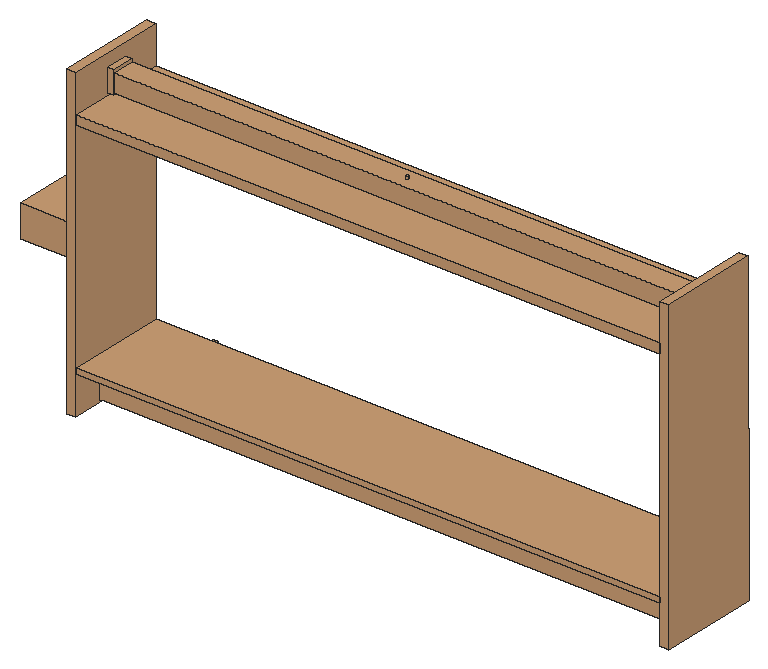
Revit family
Parameters
  Center of Unit = 0' - 0"  # constant formula
  Total Heating Capacity [instance] = 0.0 Btu/h
  Series = "VIFB"
  Outlet Area = 42.90 SF
  Lower Frame Thickness = if(Headers Height = 0' 3", 0' 1 1/4", if(Headers Height = 0' 3 1/4", 0' 1 1/4", 0' 0"))  # 0' - 1 1/4"
  Water Pressure Drop [instance] = 0.00 psi
  Water Flow [instance] = 0 GPM
  Unit Weight (lbs) = 1434
  URL = "http://www.ljwing.com/"
  Water Outlet Radius = 0' - 1 1/2"
  Headers Height = if(M = 0' 1", 0' 3", if(M = 0' 1 1/2", 0' 3 1/4", 0' 0"))  # 0' - 3 1/4"
  Number of Rows = 2  # constant formula
  Number of Coils [instance] = 0
  Nominal Length = 11' - 0 5/8"
  N = 1' - 0 3/4"
  Model = "VC-12W"
  Manufacturer = "LJ Wing"
  M = 0' - 1 1/2"
  Leaving Water Temperature [instance] = 0 °F
  Leaving Air Temperature [instance] = 0 °F
  Entering Water Temperature [instance] = 0 °F
  Entering Air Temperature [instance] = 0 °F
  Description = "Vertical Integral Face & Bypass Water Heating Coils"
  Hot Water Inlet  Radius = 0' - 1 1/2"
  Coil Face Area = Outlet Area * 0.56  # 24.024 SF
  Casing Material = ""
  Assembly Code = "D3020300"
  Air Vent Radius = 0' - 0 1/4"
  Air Pressure Drop [instance] = 0.00 in-wg
  Air Inlet Width = Nominal Length - 0' 4"  # 10' - 8 5/8"
  Air Inlet Height = Y  # 4' - 0"
  Air Flow [instance] = 0 CFM
  Y = 4' - 0"
  S = 0' - 9 3/4"  # constant formula
  Product URL = "http://www.ljwing.com/html/vifb.asp"
  OmniClass = "23-75 70 21 14 "
  Nominal Height = 5' - 8"
  Nominal Depth = 1' - 10"
  R = 0' - 10 1/4"  # constant formula
  Q = 0' - 3 5/16"
Reference planes (in)
  plane 1 "Center (Front/Back)": y = 0
  plane 2: z = -24
  plane 3 "Center (Left/Right)": x = 0
  plane 4: z = 34.25
  plane 5: x = -66.3125
  plane 6: x = 66.3125
  plane 7: z = -33.75
  plane 8: z = 0
  plane 9: y = -11
  plane 10: y = 11
  plane 11: z = 24
  plane 12: z = 26
  plane 13: z = -25.25
  plane 14: x = 64.3125
  plane 15: x = -64.3125
  plane 16: x = -63
  plane 17: x = 63
  plane 18: y = 14.0625
  plane 19: x = -77.3125
  plane 20: z = 31.125
  plane 21: z = 27.125
  plane 22: y = -2.5
  plane 23: y = 2.5
  plane 24: y = -4.5
  plane 25: z = -31.375
  plane 26: x = -53.5625
  plane 27: x = 53.5625
  plane 28: z = -27.375
Forms (in)
  Extrusion 1, solid, material "Painted Finish"
    sketch origin (0, 6, -9.75) x (1, 0, 0) y (0, 0, 1)
      loop
        line (-66.3125, -24) -> (-64.3125, -24) -> (-64.3125, 44) -> (-66.3125, 44) -> (-66.3125, -24)
      loop
        line (66.3125, -24) -> (66.3125, 44) -> (64.3125, 44) -> (64.3125, -24) -> (66.3125, -24)
    from -5 to 17
  Extrusion 2, solid, material "Painted Finish"
    sketch origin (0, 6, 0) x (1, 0, 0) y (0, 0, 1)
      loop
        line (64.3125, -24) -> (-64.3125, -24) -> (-64.3125, -25.25) -> (64.3125, -25.25) -> (64.3125, -24)
      loop
        line (64.3125, 24) -> (64.3125, 26) -> (-64.3125, 26) -> (-64.3125, 24) -> (64.3125, 24)
    from -5 to 17
  Extrusion 3, solid, material "Painted Finish"
    sketch origin (0, 10, -0.5) x (1, 0, 0) y (0, 0, 1)
      loop
        line (-66.3125, 4) -> (-77.3125, 4) -> (-77.3125, -3) -> (-66.3125, -3) -> (-66.3125, 4)
    from 0 to 20
  Extrusion 4, solid, material "Painted Finish"
    sketch origin (0, 6, 0) x (1, 0, 0) y (0, 0, 1)
      loop
        line (-62.6875, 31.125) -> (-62.6875, 27.125) -> (62.6875, 27.125) -> (62.6875, 31.125) -> (-62.6875, 31.125)
    from 3.5 to 8.5
  Extrusion 5, solid, material "Painted Finish"
    sketch origin (0, 0, 0) x (1, 0, 0) y (0, 0, 1)
      loop
        line (-62.6875, 26.625) -> (-62.6875, 31.625) -> (-64.3125, 31.625) -> (-64.3125, 26.625) -> (-62.6875, 26.625)
      loop
        line (64.3125, 26.625) -> (64.3125, 31.625) -> (62.6875, 31.625) -> (62.6875, 26.625) -> (64.3125, 26.625)
    from -2.5 to 2.5
  Extrusion 6, solid, material "Painted Finish"
    sketch origin (0, 6, 0) x (1, 0, 0) y (0, 0, 1)
      loop
        line (-63.8125, -25.75) -> (-63.8125, -25.5) -> (-64.3125, -25.5) -> (-64.3125, -29.25) -> (-63.8125, -29.25) -> (-63.8125, -29) -> (63.8125, -29) -> (63.8125, -29.25) -> (64.3125, -29.25) -> (64.3125, -25.5) -> (63.8125, -25.5) -> (63.8125, -25.75) -> (-63.8125, -25.75)
      loop
        line (63.8125, -33) -> (63.8125, -33.125) -> (64.3125, -33.125) -> (64.3125, -29.5) -> (63.8125, -29.5) -> (63.8125, -29.75) -> (-63.8125, -29.75) -> (-63.8125, -29.5) -> (-64.3125, -29.5) -> (-64.3125, -33.25) -> (-63.8125, -33.25) -> (-63.8125, -33) -> (63.8125, -33)
    from -5 to 10.5
  Extrusion 7, void
    sketch origin (0, 0, 0) x (1, 0, 0) y (0, 0, 1)
      loop
        line (-64.3125, 24) -> (-64.3125, -24) -> (64.3125, -24) -> (64.3125, 24) -> (-64.3125, 24)
    from -11 to 11
  Extrusion 8, solid, material "Painted Finish"
    sketch origin (0, 0, 0) x (1, 0, 0) y (0, 0, 1)
      loop
        circle (53.5625, -31.375) r 1.5
      loop
        circle (-53.5625, -27.375) r 1.5
    from -14.0625 to -11
  Extrusion 9, solid, material "Painted Finish"
    sketch origin (0, 0, 0) x (1, 0, 0) y (0, 1, 0)
      loop
        circle (0, 0) r 0.25
    from 31.125 to 31.625
Cuts and joins
  Extrusion 7 cuts Extrusion 1
  Extrusion 7 cuts Extrusion 2
Dimensions and locks (in)
  "Nominal Length": plane 6 to plane 5
  equal spacing: plane 6, plane 3 "Center (Left/Right)", plane 5
  "S": plane 2 to plane 7
  "Nominal Depth": plane 10 to plane 9
  equal spacing: plane 10, plane 1 "Center (Front/Back)", plane 9
  "Y": plane 11 to plane 2
  "R": plane 4 to plane 11
  locked: plane 12 to plane 11 at 2
  "Lower Frame Thickness": plane 2 to plane 13
  "Q": plane 16 to plane 5
  "Q": plane 6 to plane 17
  locked: plane 18 to plane 10 at 3.0625
  locked: plane 5 to plane 19 at 11
  locked: Extrusion 3 sketch curve to Extrusion 3 sketch curve at 7
  locked: Extrusion 3 to Extrusion 3 at 20
  locked: plane 6 to plane 14 at 2
  locked: plane 15 to plane 5 at 2
  locked: Extrusion 5 sketch curve to plane 20 at 0.5
  locked: plane 21 to Extrusion 5 sketch curve at 0.5
  locked: plane 20 to plane 21 at 4
  locked: plane 23 to plane 22 at 5
  equal spacing: plane 23, plane 1 "Center (Front/Back)", plane 22
  locked: plane 22 to plane 24 at 2
  plane 4 to plane 7 = 5' - 8"
  locked: Extrusion 5 sketch curve to Extrusion 1 at 1.625
  locked: Extrusion 5 sketch curve to Extrusion 5 sketch curve at 1.625
  locked: Extrusion 7 sketch curve to plane 11 at 0
  locked: Extrusion 7 sketch curve to plane 15 at 0
  locked: Extrusion 7 sketch curve to plane 14 at 0
  locked: plane 15 to Extrusion 6 sketch curve at 0.5
  locked: Extrusion 6 sketch curve to Extrusion 6 sketch curve at 0.25  (x2)
  locked: plane 25 to plane 7 at 2.375
  "N": plane 26 to plane 5
  "N": plane 6 to plane 27
  locked: plane 28 to plane 7 at 6.375
  "Headers Height": Extrusion 6 sketch curve to Extrusion 6 sketch curve  (x2)
  locked: Extrusion 8 sketch curve to plane 25 at 0
  locked: Extrusion 8 sketch curve to plane 28 at 0
  locked: Extrusion 9 sketch curve to plane 1 "Center (Front/Back)" at 0
  locked: Extrusion 9 sketch curve to plane 3 "Center (Left/Right)" at 0
  equal spacing: Extrusion 6 sketch curve, plane 28, Extrusion 6 sketch curve
  equal spacing: Extrusion 6 sketch curve, plane 25, Extrusion 6 sketch curve
  locked: plane 4 to plane 20 at 3.125
  locked: Extrusion 7 sketch curve to plane 2 at 0
  equal spacing: plane 11, plane 8, plane 2
  locked: Extrusion 8 sketch curve to plane 27 at 0
  locked: Extrusion 8 sketch curve to plane 26 at 0
  "M": radius of Extrusion 8 sketch curve  (x2)
  "Air Vent Radius": radius of Extrusion 9 sketch curve
  aligned and locked: Extrusion 1 to plane 9
  aligned and locked: Extrusion 1 to plane 10
  aligned and locked: Extrusion 1 to plane 15
  aligned and locked: Extrusion 1 to plane 14
  aligned and locked: Extrusion 2 to plane 9
  aligned and locked: plane 9 to Extrusion 1
  aligned and locked: plane 10 to Extrusion 1  (x2)
  aligned and locked: Extrusion 2 to plane 10
  aligned and locked: plane 10 to Extrusion 2  (x2)
  aligned and locked: plane 9 to Extrusion 2  (x2)
  aligned and locked: plane 5 to Extrusion 3
  aligned and locked: Extrusion 5 sketch curve to plane 15
  aligned and locked: Extrusion 5 sketch curve to Extrusion 4
  aligned and locked: Extrusion 1 to Extrusion 6
  aligned and locked: plane 22 to Extrusion 5
  aligned and locked: Extrusion 5 to Extrusion 4  (x2)
  aligned and locked: Extrusion 5 to plane 23
  aligned and locked: Extrusion 6 to plane 24
  aligned and locked: Extrusion 4 to Extrusion 5  (x2)
  aligned and locked: Extrusion 5 to Extrusion 1  (x2)
  aligned and locked: Extrusion 1 to Extrusion 7  (x2)
  aligned and locked: plane 18 to Extrusion 8
  aligned and locked: Extrusion 8 to plane 10
  aligned and locked: plane 20 to Extrusion 9
  aligned and locked: Extrusion 9 to Extrusion 5
  aligned and locked: plane 2 to cut or joined group of Extrusion 2, Extrusion 7
  aligned and locked: Extrusion 1 sketch curve to plane 6
  aligned and locked: Extrusion 1 sketch curve to plane 14
  aligned and locked: Extrusion 1 sketch curve to plane 15
  aligned and locked: Extrusion 1 sketch curve to plane 5
  aligned and locked: plane 4 to Extrusion 1 sketch curve
  aligned and locked: Extrusion 1 sketch curve to plane 4
  aligned and locked: plane 7 to Extrusion 1 sketch curve
  aligned and locked: Extrusion 1 sketch curve to plane 7
  aligned and locked: Extrusion 2 sketch curve to plane 11
  aligned and locked: Extrusion 2 sketch curve to plane 12
  aligned and locked: plane 2 to Extrusion 2 sketch curve
  aligned and locked: Extrusion 2 sketch curve to plane 13
  aligned and locked: Extrusion 2 sketch curve to plane 14  (x2)
  aligned and locked: Extrusion 2 sketch curve to plane 15  (x2)
  aligned and locked: Extrusion 4 sketch curve to plane 20
  aligned and locked: Extrusion 4 sketch curve to plane 21
  aligned and locked: Extrusion 6 sketch curve to plane 14  (x2)
  aligned and locked: plane 15 to Extrusion 6 sketch curve  (x2)
Automatic sketch dimensions
  Extrusion 3 sketch curve to plane 19 = 0' - 0"
  Extrusion 3 sketch curve to plane 5 = 0' - 0"
  plane 8 to Extrusion 3 sketch curve = 0' - 3 1/2"
  plane 16 to Extrusion 4 sketch curve = 0' - 0 5/16"
  Extrusion 4 sketch curve to plane 17 = 0' - 0 5/16"
  plane 21 to Extrusion 5 sketch curve = 0' - 0 1/2"
  Extrusion 5 sketch curve to plane 20 = 0' - 0 1/2"
  plane 15 to Extrusion 6 sketch curve = 0' - 0 1/2"  (x2)
  Extrusion 6 sketch curve to Extrusion 6 sketch curve = 0' - 0 1/4"  (x5)
  Extrusion 6 sketch curve to Extrusion 6 sketch curve = 0' - 0"  (x2)
  Extrusion 6 sketch curve to plane 14 = 0' - 0 1/2"  (x2)
  Extrusion 6 sketch curve to Extrusion 6 sketch curve = 0' - 0 1/2"
  Extrusion 6 sketch curve to plane 7 = 0' - 0 5/8"
Connectors (in)
  hvac at (0, -11, 0), driven by "Air Inlet Height", driven by "Air Inlet Width", driven by "Air Flow", driven by "Air Pressure Drop"
    settings: on Extrusion 7, index 1
  hvac at (0, 11, 0), driven by "Air Pressure Drop", driven by "Air Inlet Height", driven by "Air Inlet Width", driven by "Air Flow"
    settings: on Extrusion 7, index 2
  piping at (-53.5625, 14.0625, -27.375), driven by "M", driven by "Water Flow", driven by "Water Pressure Drop"
    settings: on Extrusion 8, index 4
  piping at (53.5625, 14.0625, -31.375), driven by "Water Pressure Drop", driven by "Water Flow", driven by "M"
    settings: on Extrusion 8, index 5
